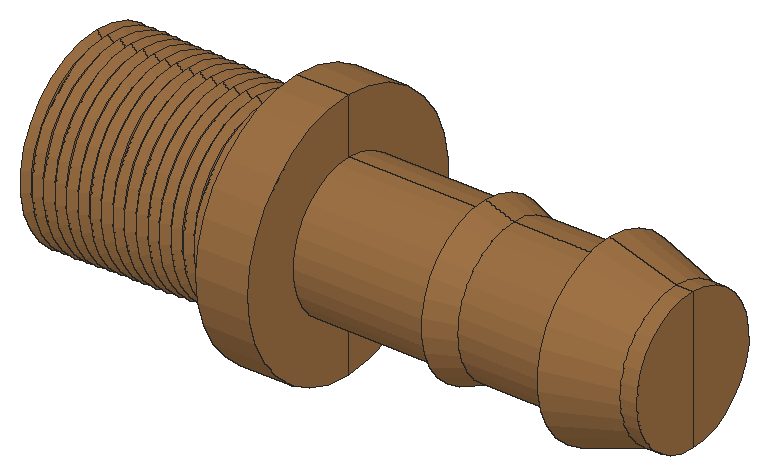
Revit family "XFF-MA-050", category Conexões de tubo, Revit 2020
Family settings
  Cota do conector redondo = Utilizar diâmetro
  Tipo de parte = Transição
  Com base no plano de trabalho = Não
  Sempre na vertical = Sim
  Corte com vazios quando carregada = Não
  Compartilhado = Não
Parameters (values of type "XFF-MA-050")
  y = 8.5 mm
  Y2 = 42.5 mm
  R1 = 6.35 mm
  Descrição = RainBird: Description  # "XFF-MA-050: 17mm Barb x 1/2” MPT Male Adapter"
  DTT5 = 26.25 mm
  DTT4 = 1 mm
  DTT3 = 12.7 mm
  DTT2 = 2 mm
  DTT1 = 3 mm
  DN2 [instance] = 12.7 mm
  URL = "www.rainbird.com"
  SupportProjetos: Review Date = ""  # constant formula
  SupportProjetos: Review = "R00"  # constant formula
  SupportProjetos: Level of Detail = "LOD 300"  # constant formula
  SupportProjetos: Developed = "MICHEL SOARES MOTA"  # constant formula
  SupportProjetos: Creation Date = "07/10/2020"  # constant formula
  RainBird: Product Link = "www.rainbird.com"
  RainBird: Description = "XFF-MA-050: 17mm Barb x 1/2” MPT Male Adapter"
  RainBird: Comment = ""
  RainBird: Code = ""
  Modelo = "XFF-MA-050"
  Type Image = (empty or 0)
  Default Elevation = 0 mm
  DN1 [instance] = 16.1 mm
  Type Comments = ""
  PVC = PVC - Franklin Electric - Preto
Reference planes
  plane 1 "Centro (Frente/Trás)": y = 0
  plane 2: z = 0
  plane 3 "Centro (Esquerda/Direita)": x = 0
Forms (mm)
  Revolve 1, solid, material "PVC - Franklin Electric - Preto" <- "PVC"
    sketch origin (0, 0, 0) x (1, 0, 0) y (0, 0, 1)
      loop
        line (0, 12.545) -> (0, 9.215) -> (-1.662, 9.215) -> (-2.216, 8.662) -> (-2.798, 9.244) -> (-3.352, 8.691) -> (-3.934, 9.273) -> (-4.512, 8.696) -> (-5.094, 9.278) -> (-5.677, 8.696) -> (-6.26, 9.278) -> (-6.813, 8.725) -> (-7.396, 9.307) -> (-7.949, 8.754) -> (-8.532, 9.336) -> (-9.086, 8.783) -> (-9.668, 9.365) -> (-10.222, 8.812) -> (-10.804, 9.394) -> (-11.382, 8.817) -> (-11.965, 9.399) -> (-12.547, 8.817) -> (-13.13, 9.399) -> (-13.683, 8.846) -> (-14.266, 9.428) -> (-14.82, 8.875) -> (-15.402, 9.457) -> (-15.956, 8.904) -> (-16.538, 9.486) -> (-17.092, 8.933) -> (-17.675, 9.515) -> (-18.252, 8.938) -> (-18.835, 9.521) -> (-19.417, 8.938) -> (-20, 9.521) -> (-20, 6.35) -> (0, 6.35) -> (0, 0) -> (39.618, 0) -> (39.618, 7) -> (37.933, 7) -> (31.329, 9.019) -> (31.329, 7) -> (21.702, 7) -> (18.914, 8) -> (18.914, 7) -> (5.198, 7) -> (5.198, 12.545) -> (0, 12.545)
      axis (-20, 0) -> (39.618, 0)
    angle from 0 to 360
Dimensions and locks
  "R1": Revolve 1 sketch curve to Revolve 1 sketch curve
  aligned and locked: level to plane 2
Automatic sketch dimensions
  Revolve 1 sketch curve to level = 0 mm  (x2)
  Revolve 1 sketch curve to plane 3 "Centro (Esquerda/Direita)" = 0 mm  (x2)
  Revolve 1 sketch curve to Revolve 1 sketch curve = 1.662 mm
  Revolve 1 sketch curve to Revolve 1 sketch curve = 0.554 mm  (x6)
  Revolve 1 sketch curve to Revolve 1 sketch curve = 0.583 mm  (x9)
  Revolve 1 sketch curve to Revolve 1 sketch curve = 0.578 mm
  level to Revolve 1 sketch curve = 8.812 mm
  level to Revolve 1 sketch curve = 9.394 mm
  level to Revolve 1 sketch curve = 8.817 mm  (x2)
  level to Revolve 1 sketch curve = 9.399 mm  (x2)
  level to Revolve 1 sketch curve = 8.846 mm
  level to Revolve 1 sketch curve = 9.428 mm
  level to Revolve 1 sketch curve = 8.875 mm
  level to Revolve 1 sketch curve = 9.457 mm
  level to Revolve 1 sketch curve = 8.904 mm
  level to Revolve 1 sketch curve = 9.486 mm
  level to Revolve 1 sketch curve = 8.933 mm
  level to Revolve 1 sketch curve = 9.515 mm
  level to Revolve 1 sketch curve = 8.938 mm  (x2)
  level to Revolve 1 sketch curve = 9.521 mm  (x2)
  plane 3 "Centro (Esquerda/Direita)" to Revolve 1 sketch curve = 5.198 mm
  Revolve 1 sketch curve to Revolve 1 sketch curve = 13.716 mm
  level to Revolve 1 sketch curve = 7 mm  (x2)
  Revolve 1 sketch curve to Revolve 1 sketch curve = 2.789 mm
  Revolve 1 sketch curve to Revolve 1 sketch curve = 9.627 mm
  Revolve 1 sketch curve to Revolve 1 sketch curve = 6.604 mm
  Revolve 1 sketch curve to Revolve 1 sketch curve = 1.684 mm
  Revolve 1 sketch curve to Revolve 1 sketch curve = 0 mm
  Revolve 1 sketch curve to Revolve 1 sketch curve = 1 mm
  Revolve 1 sketch curve to Revolve 1 sketch curve = 2.019 mm
  Revolve 1 sketch curve to Revolve 1 sketch curve = 5.545 mm
  Revolve 1 sketch curve to Revolve 1 sketch curve = 32.5 mm
  Revolve 1 sketch curve to Revolve 1 sketch curve = 19.458 mm
Connectors
  piping at (5, 0, 0), diameter 16.1, driven by "DN1"
    settings: on Revolve 1, index 1, connector inside diameter 609.6 mm, connector length 0 mm, flow factor 0, pipe flow 0.0 L/s, pressure drop 0.0 Pa, fitting loss kfactor 0, connector angle 0.00°, fixture units 0, engagement length 0 mm, angle of deflection 0.00°, flow configuration 0, flow direction 0, fitting loss method 0, system type 28, joint type 0, gender type 0, connector reference index 2, connector utility 0, adjustable connector no, is connector primary yes, connector description ""
  piping at (0, 0, 0), diameter 12.7, driven by "DN2"
    settings: on Revolve 1, index 2, connector inside diameter 609.6 mm, connector length 0 mm, flow factor 0, pipe flow 0.0 L/s, pressure drop 0.0 Pa, fitting loss kfactor 0, connector angle 0.00°, fixture units 0, engagement length 0 mm, angle of deflection 0.00°, flow configuration 0, flow direction 0, fitting loss method 0, system type 28, joint type 0, gender type 0, connector reference index 1, connector utility 0, adjustable connector no, is connector primary no, connector description ""
